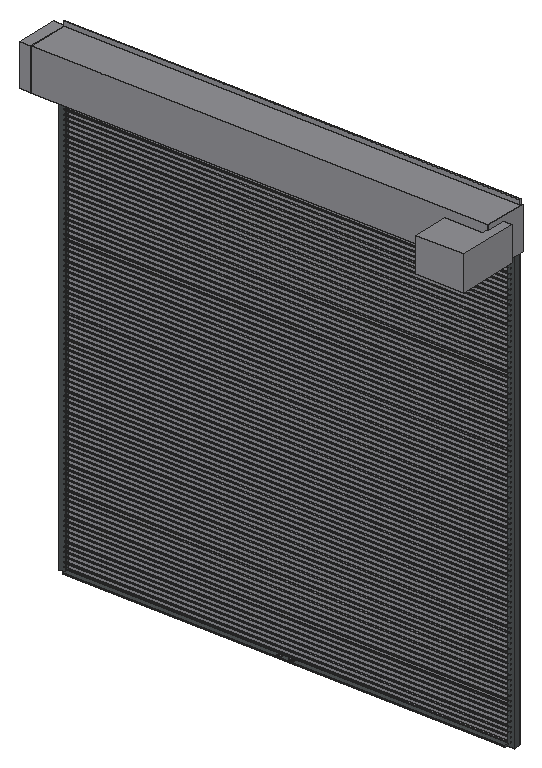
Revit family "Doors_Fire-Doors-Shutters_Overhead-Door-Corporation_Fire-Rated-Counter-Doors-641_", category Specialty Equipment, host Wall, Revit 2019
Family settings
  Host = Wall
  Round Connector Dimension = Use Diameter
  Part Type = Normal
  OmniClass Number = 23.30.10.21.34
  OmniClass Title = Industrial Doors
  Always vertical = Yes
  Cut with Voids When Loaded = Yes
  Shared = No
  Room Calculation Point = No
Parameters (values of type "115 volts, one phase, 60 Hz (110-120V range)")
  Jamb Offset 2 [instance] = if(Between Jambs Mounting, Guide Width 2, 0")  # 0"
  Jamb Offset 1 [instance] = if(Between Jambs Mounting, Guide Width 1, 0")  # 0"
  Hood Width [instance] = if(or(Opening Height < 60", Opening Height = 60"), 9 1/2", 11 1/2")  # 11 1/2"
  Hood Height [instance] = if(or(Opening Height < 60", Opening Height = 60"), 9 1/2", 11 1/2")  # 11 1/2"
  Headroom Height Real [instance] = Hood Height + Hood Offset  # 13 1/2"
  Guide Width 2 [instance] = if(Between Jambs Mounting, 1 15/16", 1 15/16" + 15/16")  # 2 7/8"
  Guide Width 1 [instance] = if(Between Jambs Mounting, if(or(Crank, CDX), 5 5/8", 1 15/16"), 1 15/16" + 15/16")  # 2 7/8"
  Door Width True [instance] = if(Between Jambs Mounting, Clear Width + Guide Width 1 + Guide Width 2, Clear Width)  # 120"
  Wall Thickness [instance] = 6"
  Voltage = 115 V
  True Opening Width [instance] = if(Between Jambs Mounting, Door Width True, Clear Width)  # 120"
  True Opening Height [instance] = if(Between Jambs Mounting, Clear Height + Headroom Height, Clear Height)  # 120"
  Slat Material [instance] = Steel - Overhead Door - Gray
  Slat Length [instance] = if(Face Of Wall Mounting, Clear Width + 15" / 16 * 2, Clear Width)  # 121 7/8"
  Slat Height [instance] = 9"  # constant formula
  Product Page URL = "https://www.overheaddoor.com/fire-rated-counter-doors-641"
  Power Factor = 1
  Powder Coat (Note) = "PowderGuard® Premium powder coat finish options are available in approximately 200 colors as well as custom matching to specification."  # constant formula
  Opening Width Real [instance] = if(Opening Width > Max Opening Width, Max Opening Width, if(Opening Width < Min Opening Width, Min Opening Width, Opening Width))  # 120"
  Opening Width [instance] = 120"
  Opening Offset [instance] = if(Between Jambs Mounting, Headroom Height, 0")  # 0"
  Opening Height Real [instance] = if(Opening Height > Max Opening Height, Max Opening Height, if(Opening Height < Min Opening Height, Min Opening Height, Opening Height))  # 120"
  Opening Height [instance] = 120"
  Number of Poles = 1
  Min Opening Width [instance] = 40"  # constant formula
  Min Opening Height [instance] = 40"  # constant formula
  Max Opening Width [instance] = if(Face Of Wall Mounting, 168", 155")  # 168"
  Max Opening Height [instance] = if(Face Of Wall Mounting, 120", 134")  # 120"
  Manual = no
  Installation Real [instance] = if(Between Jambs Mounting, Installation Limits, Wall Thickness)  # 6"
  Installation Offset [instance] = 0"
  Installation Limits [instance] = if(Installation Offset < 0", 0", if(Installation Offset > Wall Thickness - Guide Depth, Wall Thickness - Guide Depth, Installation Offset))  # 0"
  Hood Offset [instance] = 2"  # constant formula
  Hood Material [instance] = Metal - Overhead Door - Gray
  Door Height True [instance] = Clear Width + Headroom Height  # 134 3/4"
  Headroom Height [instance] = if(Between Jambs Mounting, Headroom Height Real, Headroom Height Real + 1 1/4")  # 14 3/4"
  Guide Type [instance] = if(Between Jambs Mounting, "Between Jambs Rolled Steel", "Face of Wall Rolled Steel")  # "Face of Wall Rolled Steel"
  Guide Depth [instance] = 2"  # constant formula
  Frequency = 60 Hz
  Face Of Wall Mounting [instance] = not(Between Jambs Mounting)  # yes
  Door Width (Real) [instance] = if(Between Jambs Mounting, Clear Width, Clear Width + 15/16" * 2)  # 121 7/8"
  Door Height (Real) [instance] = Clear Height + Hood Offset  # 122"
  URL = "https://www.overheaddoor.com/"
  Product data url = "https://www.bimobject.com/overhead-door/product/fire-rated-counter-doors-641"
  Product Guid = "1411a188-1ec4-42e9-a969-e61c85bce94a"
  Model = "641"  # constant formula
  Manufacturer = "Overhead Door Corporation"  # constant formula
  Wall Closure = By host
  Floor To (CL) of Shaft [instance] = Clear Height + Hood Height / 2 + Hood Offset + Default Elevation Height + Countertop Thickness Real  # 163 3/4"
  Finish Material = Finish - Overhead Door - Black
  Description = "Model 641 Fire Rated Rolling Counter Door"  # constant formula
  Default Elevation Height (Real) [instance] = if(Default Elevation Height < 0", 0", Default Elevation Height)  # 36"
  Default Elevation Height [instance] = 36"
  Crank = no
  Countertop Thickness [instance] = 0"
  Countertop Thickness Real [instance] = if(Countertop Thickness < 0", 0", if(Countertop Thickness > 12", 12", Countertop Thickness))  # 0"
  Current = 20 A
  Clear Width [instance] = if(Between Jambs Mounting, Opening Width Real - Guide Width 2 - Guide Width 1, Opening Width Real)  # 120"
  Clear Height [instance] = if(Between Jambs Mounting, Opening Height Real - Headroom Height, Opening Height Real)  # 120"
  CDX = yes
  Between Jambs Mounting [instance] = no
  Backroom Depth [instance] = Hood Width  # 11 1/2"
  Array Length [instance] = Array Count * Slat Height  # 126"
  Array Count [instance] = rounddown(([Door Height (Real)] - 247/256") / Slat Height) + 1  # 14
  Apparent Load Phase 3 = if(Number of Poles = 1, 0 VA, (Voltage * Current * sqrt(3)) / 3)  # 0 VA
  Apparent Load Phase 2 = if(Number of Poles = 1, 0 VA, (Voltage * Current * sqrt(3)) / 3)  # 0 VA
  Apparent Load Phase 1 = if(Number of Poles = 1, Voltage * Current, (Voltage * Current * sqrt(3)) / 3)  # 2300 VA
Types (9): name | Voltage | Number of Poles | Manual | Frequency | Crank | Current | CDX | Apparent Load Phase 3 | Apparent Load Phase 2 | Apparent Load Phase 1
  115 volts, one phase, 60 Hz (110-120V range) | 115 V | 1 | no | 60 Hz | no | 20 A | yes | 0 VA | 0 VA | 2300 VA
  208 volts, one phase, 60 Hz (190-207V range) | 208 V | 1 | no | 60 Hz | no | 20 A | yes | 0 VA | 0 VA | 4160 VA
  208 volts, three phase, 60 Hz (190-207 V range) | 208 V | 3 | no | 60 Hz | no | 20 A | yes | 2401.78 VA | 2401.78 VA | 2401.78 VA
  230 volts, one phase, 60 Hz (208-245V range) | 230 V | 1 | no | 60 Hz | no | 20 A | yes | 0 VA | 0 VA | 4600 VA
  230 volts, three phase, 60 Hz (208-245 V range) | 230 V | 3 | no | 60 Hz | no | 20 A | yes | 2655.81 VA | 2655.81 VA | 2655.81 VA
  460 volts, three phase, 60 Hz (456-495 V range) | 460 V | 3 | no | 60 Hz | no | 20 A | yes | 5311.62 VA | 5311.62 VA | 5311.62 VA
  575 volts, three phase, 60 Hz | 575 V | 3 | no | 60 Hz | no | 20 A | yes | 6639.53 VA | 6639.53 VA | 6639.53 VA
  Manual push-up | 0 V | 1 | yes | 0 Hz | no | 0 A | no | 0 VA | 0 VA | 0 VA
  Manual crank | 0 V | 1 | no | 0 Hz | yes | 0 A | no | 0 VA | 0 VA | 0 VA
Reference planes (in)
  plane 1 "Center (Front/Back)": y = -5
  plane 2 "Center (Left/Right)": x = 0
  plane 3 "Exterior": y = 1
  plane 4 "Interior": y = -5
  plane 5: x = 60
  plane 6: x = -60
  plane 7: z = 156
  plane 8 "Main": y = -6.875
  plane 9: y = -16.5
  plane 10 "Main Door Block": y = -5
  plane 11 "Bottom Bar": z = 36.96507
  plane 12: z = 162.96507
  plane 13: z = 169.5
  plane 14: x = 62.875
  plane 15: z = 170.75
  plane 16: x = -62.875
  plane 17: z = 0
  plane 18: z = 36
  plane 19: z = 36
  plane 20: z = 163.75
  plane 21: z = 158
Forms (in)
  Extrusion 1, void
    sketch origin (0, -5, 48) x (0, 0, -1) y (-1, 0, 0)
      loop
        line (-108, 60) -> (-108, -60) -> (12, -60) -> (12, 60) -> (-108, 60)
    from 0 to 6
Lines and regions (in)
  model lines, not visible
    curve 1: line (57.594, -5, 170.43391) -> (57.594, -5, 162.60938)
Text (in)
  text "Exterior" at (-74.96733, 27.31104, 0), in view "Ref. Level"
  text "Interior" at (-74.96733, -25.14366, 0), in view "Ref. Level"
  text "Exterior" at (0, 40.15149, 123.01588), in view "Right"
  text "Interior" at (0, -64.39139, 123.01588), in view "Right"
  text "Interior" at (0, -31.01599, 123.00693), in view "Left"
  text "Exterior" at (0, 54.57065, 123.00693), in view "Left"
Dimensions and locks (in)
  level to host wall = 459.59655"
  plane 5 to plane 6 = 120"
  "Clear Width": plane 5 to plane 6
  equal spacing: group 1, group 3, group 4, group 5, group 6, group 7, group 8, group 9, group 10, group 11, group 12, group 13, group 14, group 2  (x3)
  "Array Length": plane 12 to plane 11 "Bottom Bar"
  "Backroom Depth": plane 9 to plane 10 "Main Door Block"
  plane 15 to plane 7 = 14 3/4"
  locked: plane 15 to plane 13 at 1.25
  "Installation Real": plane 1 "Center (Front/Back)" to plane 3 "Exterior"
  "Wall Thickness": host wall to host wall
  "Default Elevation Height (Real)": plane 18 to plane 17
  "Countertop Thickness Real": plane 19 to plane 18
  locked: plane 11 "Bottom Bar" to plane 19 at 0.96507
  "Clear Height": plane 7 to plane 19
  "Floor To (CL) of Shaft": plane 20 to level
  "Opening Offset": Extrusion 1 sketch curve to plane 7
  locked: plane 8 "Main" to plane 1 "Center (Front/Back)" at 1.875
  "Headroom Height": plane 15 to plane 7
  equal spacing: plane 5, plane 2 "Center (Left/Right)", plane 6
  "Jamb Offset 2": plane 6 to Extrusion 1 sketch curve
  "Jamb Offset 1": Extrusion 1 sketch curve to plane 5
  "Guide Width 1": plane 14 to plane 5
  "Guide Width 2": plane 6 to plane 16
  "Hood Offset": plane 21 to plane 7
  aligned and locked: plane 3 "Exterior" to host wall
  aligned and locked: host wall to plane 4 "Interior"
  aligned and locked: Extrusion 1 to plane 3 "Exterior"
  aligned and locked: Extrusion 1 to plane 4 "Interior"
  aligned and locked: nested 1 to plane 8 "Main"
  aligned and locked: nested 2 to plane 8 "Main"
  aligned and locked: plane 11 "Bottom Bar" to nested 1
  aligned and locked: plane 10 "Main Door Block" to plane 1 "Center (Front/Back)"
  aligned and locked: level to plane 17
  aligned and locked: plane 12 to nested 2
  aligned and locked: nested 5 to plane 19
  aligned and locked: plane 1 "Center (Front/Back)" to nested 5
  aligned and locked: nested 5 to plane 2 "Center (Left/Right)"
  aligned and locked: plane 2 "Center (Left/Right)" to nested 1
  aligned and locked: plane 2 "Center (Left/Right)" to nested 2
  aligned and locked: Extrusion 1 sketch curve to plane 18
Automatic sketch dimensions
  curve 1 to plane 12 = 0.3557"
  curve 1 to plane 15 = 0.31609"
  curve 1 to plane 5 = 2.406"
Nested families (in)
  nested 1: "Slat" at (0, -6.875, 36.96507), type "Slat"
    with Opening Width 121 7/8"
  nested 2: "Slat" at (0, -6.875, 153.96407), type "Slat"
    with Opening Width 121 7/8"
  nested 3: "Slat" at (0, -6.875, 45.965), type "Slat"
    with Opening Width 121 7/8"
  nested 4: "Slat" at (0, -6.875, 54.96492), type "Slat"
    with Opening Width 121 7/8"
  nested 5: "Lifts" at (0, -5, 36) x (-1, 0, 0) z (0, 0, 1), type "Frame Unit"
    with Floor To (CL) of Shaft 127 3/4", Opening Width 120", Opening Height 120"
  nested 6: "Slat" at (0, -6.875, 63.96484), type "Slat"
    with Opening Width 121 7/8"
  nested 7: "Slat" at (0, -6.875, 72.96477), type "Slat"
    with Opening Width 121 7/8"
  nested 8: "Slat" at (0, -6.875, 81.96469), type "Slat"
    with Opening Width 121 7/8"
  nested 9: "Slat" at (0, -6.875, 90.96461), type "Slat"
    with Opening Width 121 7/8"
  nested 10: "Slat" at (0, -6.875, 99.96453), type "Slat"
    with Opening Width 121 7/8"
  nested 11: "Slat" at (0, -6.875, 108.96446), type "Slat"
    with Opening Width 121 7/8"
  nested 12: "Slat" at (0, -6.875, 117.96438), type "Slat"
    with Opening Width 121 7/8"
  nested 13: "Slat" at (0, -6.875, 126.9643), type "Slat"
    with Opening Width 121 7/8"
  nested 14: "Slat" at (0, -6.875, 135.96423), type "Slat"
    with Opening Width 121 7/8"
  nested 15: "Slat" at (0, -6.875, 144.96415), type "Slat"
    with Opening Width 121 7/8"
Connectors (in)
  electrical at (65.875, -23.5, 163.75), driven by "Voltage", driven by "Apparent Load Phase 1", driven by "Apparent Load Phase 2", driven by "Apparent Load Phase 3", driven by "Power Factor", driven by "Number of Poles"
    settings: on nested 5, index 1, voltage 115 V, apparent load 0 VA, apparent load phase1 2300 VA, apparent load phase2 0 VA, apparent load phase3 0 VA, power factor 1, load classification "Other", number of poles 1, system type 31, power factor state 1, is connector primary yes, connector utility no, sub classification motor no, connector description "Electrical Connector"
Definition of nested family "Slat"
  Parameters (values of type "Slat")
    Slat Width = 1/2"  # constant formula
    Slat Position = 9.001"  # constant formula
    Panel Material = none
    Opening Width = 101 7/8"
    Offset = 3/4"  # constant formula
    Default Elevation = 48"
    Between Jambs = no
  Reference planes (in)
    plane 1 "Center (Front/Back)": y = 0
    plane 2: z = 0
    plane 3 "Center (Left/Right)": x = 0
    plane 4: x = -50.9375
    plane 5: x = 50.9375
    plane 6: y = 0.5
    plane 7: y = 0
    plane 8: z = 0
    plane 9: z = 9.001
    plane 10: y = 0.25
    plane 11: x = 51.6875
    plane 12: x = -51.6875
  Forms (in)
    Extrusion 1, solid, material <- "Panel Material"
      sketch origin (0, -4.98186, 10.29093) x (0, 1, 0) y (0, 0, 1)
        loop
          arc (5.40206, -10.396) -> (5.45863, -10.37257) -> (5.48206, -10.316) r 0.08
          line (5.48206, -10.316) -> (5.48206, -9.18561)
          arc (5.48206, -9.18561) -> (5.45863, -9.12904) -> (5.40206, -9.106) r 0.08
          arc (5.40206, -9.106) -> (5.45863, -9.08257) -> (5.48206, -9.026) r 0.08
          line (5.48206, -9.026) -> (5.48206, -7.89561)
          arc (5.48206, -7.89561) -> (5.45863, -7.83904) -> (5.40206, -7.816) r 0.08
          arc (5.40206, -7.816) -> (5.45863, -7.79257) -> (5.48206, -7.736) r 0.08
          line (5.48206, -7.736) -> (5.48206, -6.60561)
          arc (5.48206, -6.60561) -> (5.45863, -6.54904) -> (5.40206, -6.526) r 0.08
          arc (5.40206, -6.526) -> (5.45863, -6.50257) -> (5.48206, -6.446) r 0.08
          line (5.48206, -6.446) -> (5.48206, -5.31561)
          arc (5.48206, -5.31561) -> (5.45863, -5.25904) -> (5.40206, -5.236) r 0.08
          arc (5.40206, -5.236) -> (5.45863, -5.21257) -> (5.48206, -5.156) r 0.08
          line (5.48206, -5.156) -> (5.48206, -4.02561)
          arc (5.48206, -4.02561) -> (5.45863, -3.96904) -> (5.40206, -3.946) r 0.08
          arc (5.40206, -3.946) -> (5.45863, -3.92257) -> (5.48206, -3.866) r 0.08
          line (5.48206, -3.866) -> (5.48206, -2.73561)
          arc (5.48206, -2.73561) -> (5.45863, -2.67904) -> (5.40206, -2.656) r 0.08
          arc (5.40206, -2.656) -> (5.45863, -2.63257) -> (5.48206, -2.576) r 0.08
          line (5.48206, -2.576) -> (5.48206, -1.44561)
          arc (5.48206, -1.44561) -> (5.45863, -1.38904) -> (5.40206, -1.36561) r 0.08
          line (5.40206, -1.36561) -> (5.22957, -1.36561)
          arc (5.22957, -1.36561) -> (5.06019, -1.15714) -> (5.06874, -1.42561) r 0.14173
          line (5.06874, -1.42561) -> (5.38651, -1.42561)
          arc (5.38651, -1.42561) -> (5.41164, -1.43602) -> (5.42206, -1.46116) r 0.03555
          line (5.42206, -1.46116) -> (5.422, -2.57602)
          arc (5.422, -2.57602) -> (5.41615, -2.59014) -> (5.40203, -2.59599) r 0.01997
          line (5.40203, -2.59599) -> (5.18957, -2.59599)
          arc (5.18957, -2.59599) -> (4.99384, -2.57039) -> (5.12755, -2.7156) r 0.105
          line (5.12755, -2.7156) -> (5.40206, -2.7156)
          arc (5.40206, -2.7156) -> (5.4162, -2.72146) -> (5.42206, -2.7356) r 0.02
          line (5.42206, -2.7356) -> (5.42206, -3.866)
          arc (5.42206, -3.866) -> (5.4162, -3.88014) -> (5.40206, -3.886) r 0.02
          line (5.40206, -3.886) -> (5.18957, -3.886)
          arc (5.18957, -3.886) -> (4.99384, -3.8604) -> (5.12755, -4.00561) r 0.105
          line (5.12755, -4.00561) -> (5.40206, -4.00561)
          arc (5.40206, -4.00561) -> (5.4162, -4.01146) -> (5.42206, -4.02561) r 0.02
          line (5.42206, -4.02561) -> (5.42206, -5.156)
          arc (5.42206, -5.156) -> (5.4162, -5.17014) -> (5.40206, -5.176) r 0.02
          line (5.40206, -5.176) -> (5.18957, -5.176)
          arc (5.18957, -5.176) -> (4.99384, -5.1504) -> (5.12755, -5.29561) r 0.105
          line (5.12755, -5.29561) -> (5.40206, -5.29561)
          arc (5.40206, -5.29561) -> (5.4162, -5.30146) -> (5.42206, -5.31561) r 0.02
          line (5.42206, -5.31561) -> (5.42206, -6.446)
          arc (5.42206, -6.446) -> (5.4162, -6.46014) -> (5.40206, -6.466) r 0.02
          line (5.40206, -6.466) -> (5.18957, -6.466)
          arc (5.18957, -6.466) -> (4.99384, -6.4404) -> (5.12755, -6.58561) r 0.105
          line (5.12755, -6.58561) -> (5.40206, -6.58561)
          arc (5.40206, -6.58561) -> (5.4162, -6.59146) -> (5.42206, -6.60561) r 0.02
          line (5.42206, -6.60561) -> (5.42206, -7.736)
          arc (5.42206, -7.736) -> (5.4162, -7.75014) -> (5.40206, -7.756) r 0.02
          line (5.40206, -7.756) -> (5.18957, -7.756)
          arc (5.18957, -7.756) -> (4.99384, -7.7304) -> (5.12755, -7.87561) r 0.105
          line (5.12755, -7.87561) -> (5.40206, -7.87561)
          arc (5.40206, -7.87561) -> (5.4162, -7.88146) -> (5.42206, -7.89561) r 0.02
          line (5.42206, -7.89561) -> (5.42206, -9.026)
          arc (5.42206, -9.026) -> (5.4162, -9.04014) -> (5.40206, -9.046) r 0.02
          line (5.40206, -9.046) -> (5.18957, -9.046)
          arc (5.18957, -9.046) -> (4.99384, -9.0204) -> (5.12755, -9.16561) r 0.105
          line (5.12755, -9.16561) -> (5.40206, -9.16561)
          arc (5.40206, -9.16561) -> (5.4162, -9.17146) -> (5.42206, -9.18561) r 0.02
          line (5.42206, -9.18561) -> (5.42206, -10.316)
          arc (5.42206, -10.316) -> (5.4162, -10.33014) -> (5.40206, -10.336) r 0.02
          line (5.40206, -10.336) -> (5.18173, -10.336)
          arc (5.18173, -10.336) -> (5.03073, -10.20226) -> (5.08686, -10.396) r 0.105
          line (5.08686, -10.396) -> (5.40206, -10.396)
      from -51.6875 to 51.6875
  Lines and regions (in)
    reference lines
      curve 1: line (0, -4.98186, 9.001) -> (0, 9.9577, 9.001)
  Dimensions and locks (in)
    equal spacing: plane 4, plane 3 "Center (Left/Right)", plane 5
    "Opening Width": plane 4 to plane 5
    "Slat Width": plane 1 "Center (Front/Back)" to plane 6
    "Slat Position": plane 9 to level
    equal spacing: plane 1 "Center (Front/Back)", plane 10, plane 6
    "Offset": plane 4 to plane 12
    "Offset": plane 11 to plane 5
    aligned and locked: plane 2 to level
    aligned and locked: plane 1 "Center (Front/Back)" to plane 7
    aligned and locked: level to plane 8
    aligned and locked: curve 1 to plane 9
    aligned and locked: Extrusion 1 to plane 11
    aligned and locked: Extrusion 1 to plane 12
  Automatic sketch dimensions
    plane 1 "Center (Front/Back)" to curve 1 = 4.98186"
    curve 1 to plane 6 = 9.4577"
    Extrusion 1 sketch curve to Extrusion 1 sketch curve = 0"  (x45)
    curve 1 to Extrusion 1 sketch curve = 0.13567"
    curve 1 to Extrusion 1 sketch curve = 5.06874"
    Extrusion 1 sketch curve to Extrusion 1 sketch curve = 0.01832"
    Extrusion 1 sketch curve to Extrusion 1 sketch curve = 0.0002"
    curve 1 to Extrusion 1 sketch curve = 0"
    Extrusion 1 sketch curve to Extrusion 1 sketch curve = 0.04099"
    Extrusion 1 sketch curve to Extrusion 1 sketch curve = 0.04049"  (x6)
    Extrusion 1 sketch curve to Extrusion 1 sketch curve = 0.09487"
    Extrusion 1 sketch curve to Extrusion 1 sketch curve = 0.10251"  (x6)
    curve 1 to Extrusion 1 sketch curve = 0.07567"
    Extrusion 1 sketch curve to Extrusion 1 sketch curve = 0.15694"
    Extrusion 1 sketch curve to Extrusion 1 sketch curve = 0.21246"
    Extrusion 1 sketch curve to Extrusion 1 sketch curve = 0.00003"  (x2)
    Extrusion 1 sketch curve to Extrusion 1 sketch curve = 0.21249"  (x5)
    Extrusion 1 sketch curve to Extrusion 1 sketch curve = 0.01555"
    Extrusion 1 sketch curve to Extrusion 1 sketch curve = 0.22033"
    Extrusion 1 sketch curve to Extrusion 1 sketch curve = 0.02"  (x6)
    Extrusion 1 sketch curve to Extrusion 1 sketch curve = 0.06"  (x7)
    Extrusion 1 sketch curve to Extrusion 1 sketch curve = 0.001"
    Extrusion 1 sketch curve to Extrusion 1 sketch curve = 0.02274"
    Extrusion 1 sketch curve to Extrusion 1 sketch curve = 1.1304"
    Extrusion 1 sketch curve to Extrusion 1 sketch curve = 0.02273"  (x5)
    Extrusion 1 sketch curve to Extrusion 1 sketch curve = 1.13039"  (x4)
    Extrusion 1 sketch curve to Extrusion 1 sketch curve = 1.12539"
    Extrusion 1 sketch curve to Extrusion 1 sketch curve = 1.11384"
    Extrusion 1 sketch curve to Extrusion 1 sketch curve = 0.01997"
    Extrusion 1 sketch curve to Extrusion 1 sketch curve = 0.06006"
    Extrusion 1 sketch curve to Extrusion 1 sketch curve = 0.3352"
Definition of nested family "Lifts"
  Parameters (values of type "Frame Unit")
    Setback = if(Between Jambs, 0", 0.938")  # 0.938"
    Rough Width = 0"
    Rough Height = 0"
    Opening Width = 100"
    Manual + Crank = if(or(Manual, Crank), 1 = 1, 1 = 2)  # no
    Manual = no
    Hood Offset = 2"
    Hood Material = none
    Hood Height = 11 1/2"
    Headplate Tension Side Offset = if(Face to Wall Mount, 5 7/8", 1.938")  # 5 7/8"
    Headplate Tension Side = if(Between Jambs, 1/4", 2.999")  # 2.999"
    Headplate Drive Side Offset = if(Face to Wall Mount, if([Manual + Crank], 5 7/8", 3.323"), if(CDX, 2.938" + 0.135", if(Crank, 5 5/8", 1.938")))  # 3.323"
    Headplate Drive Side = if(CDX, if(Between Jambs, 2.323", 1/4"), if(Crank, 5 3/8", if(Between Jambs, 1/4", 2.999")))  # 1/4"
    Header Width = 11 1/2"
    Opening Height = 100"
    Guide Width 2 = 1.938"  # constant formula
    Guide Width 1 = if(Between Jambs, if(Manual, 1.938", 5 5/8"), 1.938")  # 1.938"
    Floor To (CL) of Shaft [instance] = Opening Height + (Hood Height) / 2 + Hood Offset  # 107 3/4"
    Finish Material = none
    Face to Wall Mount = not(Between Jambs)  # yes
    Electrical Connector = no
    Drive Side Front Offset = if(Crank, 9", 0")  # 0"
    Dop Offset for Headplate = 0"  # constant formula
    Default Elevation = 48"
    Crank = no
    Connector W Position = if(CDX, -2.552", 0")  # -2.552"
    Conncetor H Position = if(CDX, Header Width + 7", Header Width / 2)  # 18 1/2"
    CDX = yes
    Bottom Bar Offset = if(Between Jambs, 3/4", 3/4" + 0.938")  # 1.688"
    Between Jambs = no
    Bar Offset = if(CDX, 0.197", 0")  # 0.197"
    Bar = Face to Wall Mount  # yes
    BJ Position = 0"  # constant formula
    Analytic Construction = "<None>"
  Reference planes (in)
    plane 1 "Center (Front/Back)": y = 0
    plane 2: z = 0
    plane 3 "Center (Left/Right)": x = 0
    plane 4 "Opening Height": z = 100
    plane 5: z = 113.5
    plane 6: y = 11.5
    plane 7 "Real Opening 2": x = -50
    plane 8 "Real Opening 1": x = 50
    plane 9: z = 102
    plane 10 "Main": y = 0
    plane 11: z = 107.75
    plane 12: x = 55.875
    plane 13: x = -53.323
    plane 14: x = 55.875
    plane 15: x = -50
    plane 16: x = 52.876
    plane 17: x = -53.073
    plane 18: z = 114.75
    plane 19: x = -52.876
  Forms (in)
    Extrusion 1, solid, material <- "Hood Material"
      sketch origin (0, 0, 0) x (0, 1, 0) y (0, 0, 1)
        loop
          line (0, 102) -> (11.5, 102) -> (11.5, 113.5) -> (0, 113.5) -> (0, 102)
      from -53.073 to 52.876
    Extrusion 2, solid, material <- "Finish Material"
      sketch origin (0, 0, 0) x (1, 0, 0) y (0, 1, 0)
        loop
          line (50.938, 2) -> (50.938, 1.875) -> (51.688, 1.875) -> (51.688, 1.375) -> (51.188, 1.375)
          arc (51.188, 1.375) -> (51.01122, 1.30178) -> (50.938, 1.125) r 0.25
          line (50.938, 1.125) -> (50.938, 0.25)
          arc (50.938, 0.25) -> (51.01122, 0.07322) -> (51.188, 0) r 0.25
          line (51.188, 0) -> (52.626, 0)
          arc (52.626, 0) -> (52.80278, 0.07322) -> (52.876, 0.25) r 0.25
          line (52.876, 0.25) -> (52.876, 2) -> (50.938, 2)
        loop
          line (-50.938, 2) -> (-52.876, 2) -> (-52.876, 0.25)
          arc (-52.876, 0.25) -> (-52.80278, 0.07322) -> (-52.626, 0) r 0.25
          line (-52.626, 0) -> (-51.188, 0)
          arc (-51.188, 0) -> (-51.01122, 0.07322) -> (-50.938, 0.25) r 0.25
          line (-50.938, 0.25) -> (-50.938, 1.125)
          arc (-50.938, 1.125) -> (-51.01122, 1.30178) -> (-51.188, 1.375) r 0.25
          line (-51.188, 1.375) -> (-51.688, 1.375) -> (-51.688, 1.875) -> (-50.938, 1.875) -> (-50.938, 2)
      from 0 to 113.5
    Extrusion 3, solid, material <- "Hood Material"
      sketch origin (0, 0, 0) x (1, 0, 0) y (0, 1, 0)
        loop
          line (52.876, 0) -> (55.875, 0) -> (55.875, 11.5) -> (52.876, 11.5) -> (52.876, 0)
        loop
          line (-53.323, 0) -> (-53.073, 0) -> (-53.073, 11.5) -> (-53.323, 11.5) -> (-53.323, 0)
      from 102 to 113.5
    Extrusion 4, void
      sketch origin (0, 0, 0) x (1, 0, 0) y (0, 0, 1)
        loop
          line (-51.688, 2.5) -> (-51.688, 0) -> (-50.938, 0) -> (-50.938, 2.5) -> (-51.688, 2.5)
        loop
          line (51.688, 2.5) -> (50.938, 2.5) -> (50.938, 0) -> (51.688, 0) -> (51.688, 2.5)
      from -10 to 0
    Extrusion 5, solid
      sketch origin (0, 1.625, -2.69619) x (0, 0, 1) y (1, 0, 0)
        loop
          line (3.03994, -2.25) -> (3.16494, -2.25) -> (3.16494, -1.1875)
          arc (3.16494, -1.1875) -> (3.18325, -1.14331) -> (3.22744, -1.125) r 0.0625
          line (3.22744, -1.125) -> (3.66494, -1.125)
          arc (3.66494, -1.125) -> (3.75333, -1.08839) -> (3.78994, -1) r 0.125
          line (3.78994, -1) -> (3.78994, 1)
          arc (3.78994, 1) -> (3.75333, 1.08839) -> (3.66494, 1.125) r 0.125
          line (3.66494, 1.125) -> (3.22744, 1.125)
          arc (3.22744, 1.125) -> (3.18325, 1.14331) -> (3.16494, 1.1875) r 0.0625
          line (3.16494, 1.1875) -> (3.16494, 2.25) -> (3.03994, 2.25) -> (3.03994, 1.125)
          arc (3.03994, 1.125) -> (3.07655, 1.03661) -> (3.16494, 1) r 0.125
          line (3.16494, 1) -> (3.60244, 1)
          arc (3.60244, 1) -> (3.64663, 0.98169) -> (3.66494, 0.9375) r 0.0625
          line (3.66494, 0.9375) -> (3.66494, -0.9375)
          arc (3.66494, -0.9375) -> (3.64663, -0.98169) -> (3.60244, -1) r 0.0625
          line (3.60244, -1) -> (3.16494, -1)
          arc (3.16494, -1) -> (3.07655, -1.03661) -> (3.03994, -1.125) r 0.125
          line (3.03994, -1.125) -> (3.03994, -2.25)
      from 0.47525 to 0.87525
    Extrusion 6, solid, material <- "Finish Material"
      sketch origin (0, 1.625, -2.69619) x (0, 0, 1) y (0, -1, 0)
        loop
          line (4.78994, 0.25) -> (4.78994, 0.4) -> (3.13994, 0.4)
          arc (3.13994, 0.4) -> (2.96316, 0.32678) -> (2.88994, 0.15) r 0.25
          line (2.88994, 0.15) -> (2.88994, -0.1) -> (2.69619, -0.1) -> (2.69619, -1.2505) -> (2.88994, -1.2505) -> (2.88994, -1.5005) -> (3.03994, -1.5005) -> (3.03994, 0.125)
          arc (3.03994, 0.125) -> (3.07655, 0.21339) -> (3.16494, 0.25) r 0.125
          line (3.16494, 0.25) -> (4.78994, 0.25)
      from -51.688 to 51.688
    Extrusion 7, solid, material <- "Hood Material", visible <- "Bar"
      sketch origin (0, 0, 0) x (0, 1, 0) y (0, 0, 1)
        loop
          line (0, 114.75) -> (0, 113.5) -> (0.25, 113.5) -> (0.25, 114.75) -> (0, 114.75)
      from -52.876 to 52.876
    Extrusion 8, solid, material <- "Hood Material", visible <- "CDX"
      sketch origin (0, -9.86213, 107.75) x (0, -1, 0) y (1, 0, 0)
        loop
          line (-33.36213, -42.74982) -> (-33.36213, -55.87482) -> (-16.66213, -55.87482) -> (-16.66213, -53.323) -> (-23.36213, -53.323) -> (-23.36213, -42.74982) -> (-33.36213, -42.74982)
      from -4.75 to 4.75
    Extrusion 9, void
      sketch origin (0, 0, 0) x (1, 0, 0) y (0, 1, 0)
        loop
          line (-53.323, 0) -> (-50, 0) -> (-50, 11.5) -> (-53.323, 11.5) -> (-53.323, 0)
        loop
          line (55.875, 0) -> (55.875, 11.5) -> (50, 11.5) -> (50, 0) -> (55.875, 0)
      from 102 to 113.5
    Extrusion 10, solid, visible <- "Electrical Connector"
      sketch origin (-53.323, -8.72552, 1000) x (0, -1, 0) y (0, 0, -1)
        loop
          circle (-27.22552, 892.25) r 1
      from -2.552 <- "Connector W Position" to 0.25
  Cuts and joins
    Extrusion 4 cuts Extrusion 6
    Extrusion 9 cuts Extrusion 2
  Lines and regions (in)
    Masking region 1
      outline origin (0, 0, 100) x (-1, 0, 0) y (0, -1, 0)
        loop
          line (-52.876, -11.5) -> (53.073, -11.5) -> (53.073, 0) -> (-52.876, 0) -> (-52.876, -11.5)
    Masking region 2, visible <- "CDX"
      outline origin (0, 0, 0) x (1, 0, 0) y (0, 1, 0)
        loop
          line (-55.87482, 23.5) -> (-55.87482, 6.8) -> (-53.323, 6.8) -> (-53.323, 13.5) -> (-42.74982, 13.5) -> (-42.74982, 23.5) -> (-55.87482, 23.5)
    Masking region 3
      outline origin (0, 0, 0) x (1, 0, 0) y (0, 1, 0)
        loop
          line (-50.938, 2) -> (-52.876, 2) -> (-52.876, 0.25)
          arc (-52.876, 0.25) -> (-52.80278, 0.07322) -> (-52.626, 0) r 0.25
          line (-52.626, 0) -> (-51.188, 0)
          arc (-51.188, 0) -> (-51.01122, 0.07322) -> (-50.938, 0.25) r 0.25
          line (-50.938, 0.25) -> (-50.938, 1.125)
          arc (-50.938, 1.125) -> (-51.01122, 1.30178) -> (-51.188, 1.375) r 0.25
          line (-51.188, 1.375) -> (-51.688, 1.375) -> (-51.688, 1.875) -> (-50.938, 1.875) -> (-50.938, 2)
        loop
          arc (51.188, 1.375) -> (51.01122, 1.30178) -> (50.938, 1.125) r 0.25
          line (50.938, 1.125) -> (50.938, 0.25)
          arc (50.938, 0.25) -> (51.01122, 0.07322) -> (51.188, 0) r 0.25
          line (51.188, 0) -> (52.626, 0)
          arc (52.626, 0) -> (52.80278, 0.07322) -> (52.876, 0.25) r 0.25
          line (52.876, 0.25) -> (52.876, 2) -> (50.938, 2) -> (50.938, 1.875) -> (51.688, 1.875) -> (51.688, 1.375) -> (51.188, 1.375)
    Masking region 4
      outline origin (0, 0, 0) x (1, 0, 0) y (0, 1, 0)
        loop
          line (-53.323, 11.5) -> (-53.323, 0) -> (-53.073, 0) -> (-53.073, 11.5) -> (-53.323, 11.5)
        loop
          line (55.875, 0) -> (55.875, 11.5) -> (52.876, 11.5) -> (52.876, 0) -> (55.875, 0)
    reference lines
      curve 1: line (0, 1.625, -2.69619) -> (0, 1.625, 5.30381)
    symbolic lines, visible <- "Bar"
      curve 2: line (52.876, 0.25, 0) -> (-52.876, 0.25, 0)
  Dimensions and locks (in)
    "Hood Offset": Extrusion 1 sketch curve to plane 4 "Opening Height"
    "Opening Height": plane 4 "Opening Height" to level
    "Hood Offset": plane 9 to plane 4 "Opening Height"
    "BJ Position": plane 10 "Main" to plane 1 "Center (Front/Back)"
    "Header Width": plane 10 "Main" to plane 6
    "Floor To (CL) of Shaft": plane 11 to level
    "Headplate Tension Side Offset": plane 8 "Real Opening 1" to plane 12
    "Headplate Drive Side Offset": plane 13 to plane 7 "Real Opening 2"
    "Guide Width 2": Extrusion 2 sketch curve to Extrusion 2 sketch curve
    locked: Extrusion 2 sketch curve to Extrusion 2 sketch curve at 2  (x2)
    locked: Extrusion 2 sketch curve to Extrusion 2 sketch curve at 0.125  (x2)
    locked: Extrusion 2 sketch curve to Extrusion 2 sketch curve at 0.75  (x2)
    locked: Extrusion 2 sketch curve to Extrusion 2 sketch curve at 1.375  (x2)
    "Guide Width 1": Extrusion 2 sketch curve to Extrusion 2 sketch curve
    "Dop Offset for Headplate": plane 7 "Real Opening 2" to plane 15
    locked: plane 10 "Main" to curve 1 at 1.625
    locked: Extrusion 4 sketch curve to Extrusion 4 sketch curve at 0.75  (x2)
    Extrusion 5 sketch curve to Extrusion 5 sketch curve = 4 1/2"
    equal spacing: Extrusion 5 sketch curve, curve 1, Extrusion 5 sketch curve  (x2)
    Extrusion 5 sketch curve to Extrusion 5 sketch curve = 2 1/4"
    locked: Extrusion 5 sketch curve to Extrusion 5 sketch curve at 0.125  (x4)
    equal spacing: plane 7 "Real Opening 2", plane 3 "Center (Left/Right)", plane 8 "Real Opening 1"
    "Opening Width": plane 7 "Real Opening 2" to plane 8 "Real Opening 1"
    "Setback": Extrusion 2 sketch curve to plane 7 "Real Opening 2"
    "Setback": plane 8 "Real Opening 1" to Extrusion 2 sketch curve
    "Setback": Extrusion 4 sketch curve to plane 7 "Real Opening 2"
    "Setback": Extrusion 4 sketch curve to plane 8 "Real Opening 1"
    "Headplate Tension Side": plane 16 to plane 12
    "Headplate Drive Side": plane 13 to plane 17
    "Hood Height": plane 5 to plane 9
    locked: plane 18 to plane 5 at 1.25
    locked: Extrusion 7 sketch curve to Extrusion 7 sketch curve at 0.25
    locked: Extrusion 8 sketch curve to Extrusion 8 sketch curve at 13.125
    locked: Extrusion 8 sketch curve to Extrusion 8 sketch curve at 2.55182
    locked: Extrusion 8 sketch curve to Extrusion 8 sketch curve at 16.7
    locked: Extrusion 8 sketch curve to Extrusion 8 sketch curve at 10
    locked: Extrusion 8 sketch curve to plane 6 at 2
    "Drive Side Front Offset": Extrusion 3 sketch curve to plane 6
    "Conncetor H Position": plane 10 "Main" to Extrusion 10 sketch curve
    "Bar Offset": plane 17 to plane 19
    locked: Extrusion 2 sketch curve to Extrusion 2 sketch curve (radius 1/4")  (x6)
    radius of Extrusion 5 sketch curve = 1/16"  (x4)
    radius of Extrusion 5 sketch curve = 1/8"  (x4)
    radius of Extrusion 6 sketch curve = 1/4"
    radius of Extrusion 6 sketch curve = 1/8"
    radius of Extrusion 10 sketch curve = 1"
    aligned and locked: plane 2 to level
    aligned and locked: Extrusion 1 sketch curve to plane 5
    aligned and locked: Extrusion 1 sketch curve to plane 6
    aligned and locked: plane 10 "Main" to Extrusion 1 sketch curve
    aligned and locked: Extrusion 2 sketch curve to Extrusion 2 sketch curve  (x2)
    aligned and locked: Extrusion 2 sketch curve to plane 10 "Main"  (x2)
    aligned and locked: Extrusion 1 to plane 16
    aligned and locked: Extrusion 1 to plane 17
    aligned and locked: plane 5 to Extrusion 3
    aligned and locked: Extrusion 3 to plane 9
    aligned and locked: Extrusion 4 sketch curve to level
    aligned and locked: level to Extrusion 4 sketch curve
    aligned and locked: Masking region 1 sketch curve to Extrusion 1  (x4)
    aligned and locked: Extrusion 3 sketch curve to plane 16
    aligned and locked: Extrusion 3 sketch curve to plane 6
    aligned and locked: plane 10 "Main" to Extrusion 3 sketch curve
    aligned and locked: Extrusion 5 sketch curve to Extrusion 5 sketch curve  (x2)
    aligned and locked: Extrusion 3 sketch curve to plane 14
    aligned and locked: Extrusion 4 to Extrusion 6  (x2)
    aligned and locked: Extrusion 7 sketch curve to plane 10 "Main"
    aligned and locked: Extrusion 7 sketch curve to plane 18
    aligned and locked: Extrusion 7 sketch curve to plane 5
    aligned and locked: Extrusion 7 to plane 16
    aligned and locked: curve 2 to Extrusion 7
    aligned and locked: plane 16 to curve 2
    aligned and locked: Extrusion 8 sketch curve to plane 13
    aligned and locked: plane 13 to Extrusion 3 sketch curve
    aligned and locked: Extrusion 3 sketch curve to plane 17
    aligned and locked: Extrusion 3 sketch curve to plane 1 "Center (Front/Back)"
    aligned and locked: Masking region 2 sketch curve to Extrusion 8  (x6)
    aligned and locked: Masking region 3 sketch curve to Extrusion 2  (x15)
    aligned and locked: plane 5 to Extrusion 2
    aligned and locked: plane 13 to Extrusion 9 sketch curve
    aligned and locked: Extrusion 9 sketch curve to plane 1 "Center (Front/Back)"  (x2)
    aligned and locked: Extrusion 9 sketch curve to plane 6  (x2)
    aligned and locked: Extrusion 9 sketch curve to plane 14
    aligned and locked: Extrusion 9 sketch curve to plane 8 "Real Opening 1"
    aligned and locked: plane 15 to Extrusion 9 sketch curve
    aligned and locked: plane 5 to Extrusion 9
    aligned and locked: Extrusion 9 to plane 9
    aligned and locked: Masking region 4 sketch curve to Extrusion 3  (x8)
    aligned and locked: plane 12 to plane 14
    aligned and locked: plane 11 to Extrusion 10 sketch curve
    aligned and locked: plane 17 to Extrusion 10
    aligned and locked: plane 19 to Extrusion 7
    aligned and locked: plane 19 to curve 2
  Automatic sketch dimensions
    curve 1 to level = 2.69619"
    level to curve 1 = 5.30381"
    curve 1 to Extrusion 5 sketch curve = 3.03994"
    Extrusion 5 sketch curve to Extrusion 5 sketch curve = 3/8"
    Extrusion 5 sketch curve to Extrusion 5 sketch curve = 1/16"
    curve 1 to Extrusion 6 sketch curve = 2.69619"
    Extrusion 6 sketch curve to Extrusion 6 sketch curve = 0.19375"  (x2)
    Extrusion 6 sketch curve to Extrusion 6 sketch curve = 0.15"
    Extrusion 6 sketch curve to curve 1 = 0.4"
    Extrusion 6 sketch curve to Extrusion 6 sketch curve = 1 5/8"
    Extrusion 6 sketch curve to Extrusion 6 sketch curve = 0.025"
    Extrusion 6 sketch curve to Extrusion 6 sketch curve = 1/4"
    curve 1 to Extrusion 6 sketch curve = 0.1"
    Extrusion 6 sketch curve to Extrusion 6 sketch curve = 1.1505"
    Extrusion 4 sketch curve to Extrusion 4 sketch curve = 2 1/2"
    level to Extrusion 4 sketch curve = 2 1/2"
